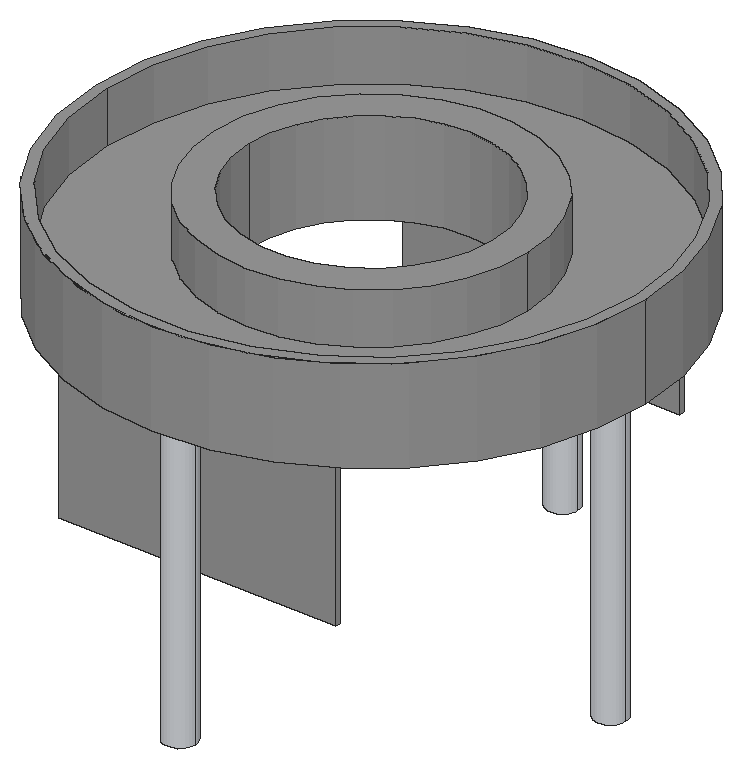
Revit family "Nivellierbare Schwerlastkassette für Tubus, RKFRSL, 20, 4", category Generic Models, Revit 2015
Parameters (values of type "RKFR2 4 SL2V2 20")
  URL = "http://www.obo-bettermann.com"
  Material = Stainless Steel, Polished
  Manufacturer Art.No. = "7409462"
  Manufacturer = "OBO Bettermann"
  HeightCalc = if(Height < 105 mm, 105 mm, (if(Height > 155 mm, 155 mm, Height)))  # 150 mm
  Height 1 = 36.5 mm
  Height = 150 mm
  GTIN = "4012195869696"
  Diameter 1 = 206 mm
  Diameter = 214 mm
  Cut depth = 20 mm
  Article Type = "RKFR2 4 SL2V2 20"
Reference planes
  plane 1 "Center (Front/Back)": y = 0
  plane 2: z = 0
  plane 3 "Center (Left/Right)": x = 0
  plane 4: z = 113.5
  plane 5: y = 99.5
  plane 6: y = -99.5
  plane 7: z = 150
  plane 8: z = 54.7
  plane 9: z = 130
Forms (mm)
  Extrusion 1, solid
    sketch origin (0, 0, 0) x (1, 0, 0) y (0, 1, 0)
      loop
        circle (0, 93.25) r 6
      loop
        circle (0, -93.25) r 6
      loop
        circle (-93.25, 0) r 6
      loop
        circle (93.25, 0) r 6
    from 0 to 113.5
  Extrusion 2, solid, material "Stainless Steel, Polished" <- "Material"
    sketch origin (0, 0, 0) x (1, 0, 0) y (0, 1, 0)
      loop
        line (-54, 85) -> (-54, 83) -> (54, 83) -> (54, 85) -> (-54, 85)
      loop
        line (-54, -83) -> (-54, -85) -> (54, -85) -> (54, -83) -> (-54, -83)
    from 54.7 to 113.5
  Extrusion 3, solid, material "Stainless Steel, Polished" <- "Material"
    sketch origin (0, 0, 0) x (1, 0, 0) y (0, 1, 0)
      loop
        circle (0, 0) r 107
    from 113.5 to 150
  Extrusion 4, void
    sketch origin (0, 0, 0) x (1, 0, 0) y (0, 1, 0)
      loop
        circle (0, 0) r 103
      loop
        circle (0, 0) r 61
    from 130 to 150
  Extrusion 5, void
    sketch origin (0, 0, 0) x (1, 0, 0) y (0, 1, 0)
      loop
        circle (0, 0) r 47.77
    from 113.5 to 150
Cuts and joins
  Extrusion 4 cuts Extrusion 1
  Extrusion 4 cuts Extrusion 2
  Extrusion 4, Extrusion 5 cuts Extrusion 3
Dimensions and locks
  "HeightCalc": plane 7 to level
  "Height 1": plane 7 to plane 4
  locked: Extrusion 2 sketch curve to Extrusion 2 sketch curve at 108  (x2)
  locked: Extrusion 2 sketch curve to Extrusion 2 sketch curve at 2  (x2)
  locked: plane 4 to plane 8 at 58.8
  "Cut depth": plane 7 to plane 9
  locked: plane 5 to plane 6 at 199
  equal spacing: plane 5, plane 1 "Center (Front/Back)", plane 6, locked at 99.5 each
  locked: plane 1 "Center (Front/Back)" to Extrusion 1 sketch curve at 93.25
  locked: Extrusion 1 sketch curve to plane 1 "Center (Front/Back)" at 93.25
  locked: Extrusion 1 sketch curve to plane 3 "Center (Left/Right)" at 93.25
  locked: plane 3 "Center (Left/Right)" to Extrusion 1 sketch curve at 93.25
  equal spacing: Extrusion 2 sketch curve, plane 3 "Center (Left/Right)", Extrusion 2 sketch curve, locked at 54 each  (x2)
  locked: Extrusion 2 sketch curve to Extrusion 2 sketch curve at 166
  equal spacing: Extrusion 2 sketch curve, plane 1 "Center (Front/Back)", Extrusion 2 sketch curve, locked at 83 each
  diameter of Extrusion 1 sketch curve = 12 mm  (x4)
  "Diameter": diameter of Extrusion 3 sketch curve
  "Diameter 1": diameter of Extrusion 4 sketch curve
  aligned and locked: level to plane 2
  aligned and locked: plane 4 to Extrusion 1
  aligned and locked: Extrusion 1 to Extrusion 2
  aligned and locked: Extrusion 2 to plane 8
  aligned and locked: Extrusion 3 to Extrusion 1
  aligned and locked: plane 7 to Extrusion 3
  aligned and locked: cut or joined group of Extrusion 3, Extrusion 4, Extrusion 5 to Extrusion 4
  aligned and locked: Extrusion 4 to plane 9
  aligned and locked: Extrusion 3 to Extrusion 5  (x2)
Automatic sketch dimensions
  Extrusion 1 sketch curve to plane 3 "Center (Left/Right)" = 0 mm  (x2)
  plane 1 "Center (Front/Back)" to Extrusion 1 sketch curve = 0 mm  (x2)
  plane 1 "Center (Front/Back)" to Extrusion 3 sketch curve = 0 mm
  Extrusion 3 sketch curve to plane 3 "Center (Left/Right)" = 0 mm
  Extrusion 4 sketch curve to Extrusion 4 sketch curve = 0 mm  (x2)
  plane 1 "Center (Front/Back)" to Extrusion 4 sketch curve = 0 mm
  Extrusion 4 sketch curve to plane 3 "Center (Left/Right)" = 0 mm
  plane 1 "Center (Front/Back)" to Extrusion 5 sketch curve = 0 mm
  Extrusion 5 sketch curve to plane 3 "Center (Left/Right)" = 0 mm
  radius of Extrusion 4 sketch curve = 61 mm
  radius of Extrusion 5 sketch curve = 47.77 mm
